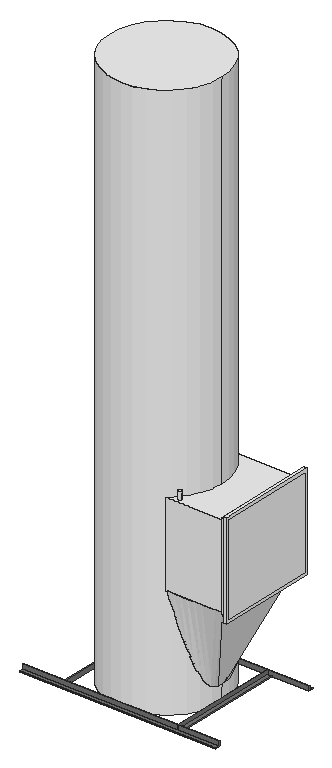
Revit family "Recycle_Chute_Chutes", category Specialty Equipment, Revit 2026
Family settings
  Round Connector Dimension = Use Diameter
  Part Type = Normal
  Classification Number = 23.70.30.21.21
  Work Plane-Based = No
  Enable Cutting in Views = No
  Always vertical = Yes
  Cut with Voids When Loaded = No
  Maintain Annotation Orientation = No
  Shared = No
  Room Calculation Point = No
Parameters
  Warranty Duration (Years) = 0
  URL = "http://www.chutes.com/"
  Specification = "http://www.arcat.com/sdspecs/htm/14560chu.htm"
  SpecWizard = ""
  Send Message = "http://www.arcat.com/users.pl?action=UserEmail&company=CHUTES%20International&coid=31437&rep=103&fax=301-753-4108&mf="
  Sales Information = "http://www.chutes.com/index.cfm?fuseaction=main.quote"
  Revision = "R1_10-2010"
  Product Properties = "http://www.arcat.com/bim/bim_info.pl?fn=Chutes"
  Product Data = "http://www.arcat.com/arcatcos/cos31/arc31437.html"
  Model = "As Specified in 14 91 00"
  Material = Aluminized Steel - Chutes
  Manufacturer Website = "http://www.chutes.com/"
  Manufacturer Phone - Toll Free = "800-88-CHUTE"
  Manufacturer Phone = "301-753-4100"
  Manufacturer Fax = "301-753-4108"
  Manufacturer Address = "4400 Austin Lane, White Plains, MD 20695"
  Manufacturer = "CHUTES International"
  Maintenance Schedule (Months) = 0
  Keynote = "14 91 00"
  Installation-Fabrication = "http://www.chutes.com/store/index.cfm?category=2"
  Installation Phase = ""
  Has Vent Top [instance] = no
  Has Sprinkler Head [instance] = yes
  Has Discharge Chute & Door [instance] = no
  Green Building-LEED = "http://www.arcat.com/green/clients/leed_data_31437.html"
  Floor to Floor Height [instance] = 120"
  Floor Plate Size = Diameter + 9"  # 33"
  Expected Lifespan (Years) = 0
  Drawn By = "Sumex Design, Inc. / Robert S. Weygant, CSI, CDT, SCIP"
  Door Width = 21"
  Door Height = 18"
  Discharge Width = 24"
  Discharge Length = 30"
  Discharge Door Offset Below Level Above [instance] = 48"
  Diameter = 24"
  Description = "Chute as Specified in 14 91 00"
  Default Elevation = 0"
  Copyright = "©Arcat Inc."
  Construction Details = "http://www.arcat.com/details/chutes/chutes.html?coid=31437"
  Chute Radius = Diameter * 0.5  # 12"
  Assembly Code = "D1090500"
Reference planes (in)
  plane 1 "Center (Front/Back)": y = 0
  plane 2 "Bottom": z = 0
  plane 3 "Center (Left/Right)": x = -0.05039
  plane 4 "Top": z = 120
  plane 5 "General Ref 1": z = 42
  plane 6 "General Ref 2": z = 24
  plane 7 "General Ref 8": y = -10.5
  plane 8 "General Ref 7": y = 10.5
  plane 9 "General Ref 5": x = -16.55039
  plane 10 "General Ref 4": x = 16.44961
  plane 11 "General Ref 6": y = 16.5
  plane 12 "General Ref 9": y = -16.5
  plane 13 "General Ref 3": x = 21.43411
  plane 14 "BO Discharge Door": z = -48
  plane 15 "Cap Ref": z = 156
Forms (in)
  Extrusion 1, solid, material "Aluminized Steel - Chutes" <- "Material"
    sketch origin (0, 0, 0) x (1, 0, 0) y (0, 1, 0)
      loop
        circle (-0.05039, 0) r 12
    from 0 to 120
  Extrusion 2, solid, material "Aluminized Steel - Chutes" <- "Material"
    sketch origin (-0.05039, 0, 0) x (0, 1, 0) y (0, 0, 1)
      loop
        line (-9.5, 42) -> (-9.5, 24) -> (9.5, 24) -> (9.5, 42) -> (-9.5, 42)
    from 0 to 19.74806
  Blend 3, solid, material "Aluminized Steel - Chutes" <- "Material"
    base sketch origin (1.75, 0, 24) x (-1, 0, 0) y (0, -1, 0)
      loop
        line (-10.05188, 0.64269) -> (-10.05188, -0.64269)
        arc (-10.05188, -0.64269) -> (-8.87713, -3.61915) -> (-5.9862, -4.99096) r 4.35809
        line (-5.9862, -4.99096) -> (-5.9862, 4.99096)
        arc (-5.9862, 4.99096) -> (-8.87713, 3.61915) -> (-10.05188, 0.64269) r 4.35809
    top sketch origin (1.75, 0, 24) x (-1, 0, 0) y (0, -1, 0)
      loop
        line (-6.03658, 9.5) -> (-17.85227, 9.5) -> (-17.85227, -9.5) -> (-6.03658, -9.5) -> (-6.03658, 9.5)
    from -20.82932 to 0
  Extrusion 4, solid, material "Aluminized Steel - Chutes" <- "Material"
    sketch origin (-0.05039, 0, 0.4375) x (0, 1, 0) y (0, 0, 1)
      loop
        line (-10.75, 43.08915) -> (-10.75, 22.58576) -> (10.75, 22.58576) -> (10.75, 43.08915) -> (-10.75, 43.08915)
      loop
        line (-10.5, 23.08576) -> (10.5, 23.08576) -> (10.5, 42.58915) -> (-10.5, 42.58915) -> (-10.5, 23.08576)
      loop
        line (10.4375, 23.14826) -> (10.4375, 42.52665) -> (-10.4375, 42.52665) -> (-10.4375, 23.14826) -> (10.4375, 23.14826)
    from 20.94186 to 21.4845
  Extrusion 5, solid, material "Aluminized Steel - Chutes" <- "Material"
    sketch origin (-0.05039, 0, 0.4375) x (0, 1, 0) y (0, 0, 1)
      loop
        line (-9.77326, 41.99661) -> (-9.77326, 23.5625) -> (9.77326, 23.5625) -> (9.77326, 41.99661) -> (-9.77326, 41.99661)
    from 19.74806 to 20.94186
  Revolve 6, solid, material "Aluminized Steel - Chutes" <- "Material", visible <- "Has Vent Top"
    sketch origin (0, 0, 0) x (1, 0, 0) y (0, 0, 1)
      loop
        line (-0.05039, 156) -> (-0.05039, 153.75194) -> (-0.05039, 120) -> (11.94961, 120) -> (11.94961, 154.5) -> (13.29457, 154.5) -> (13.29457, 156) -> (-0.05039, 156)
      axis (-0.05039, 120) -> (-0.05039, 156)
    angle from 0 to 360
  Extrusion 7, solid, material "Aluminized Steel - Chutes" <- "Material", visible <- "Has Discharge Chute & Door"
    sketch origin (0, 0, 0) x (1, 0, 0) y (0, 1, 0)
      loop
        circle (-0.05039, 0) r 12
    from -42 to 0
  Extrusion 8, solid, material "Aluminized Steel - Chutes" <- "Material", visible <- "Has Discharge Chute & Door"
    sketch origin (0, 0, -48) x (0, -1, 0) y (1, 0, 0)
      loop
        line (-12, -13.29457) -> (12, -13.29457) -> (12, 16.70543) -> (-12, 16.70543) -> (-12, -13.29457)
    from 0 to 6
  Extrusion 9, solid, material "Aluminized Steel - Chutes" <- "Material", visible <- "Has Sprinkler Head"
    sketch origin (0, 0, 0) x (1, 0, 0) y (0, 1, 0)
      loop
        circle (9.69961, -8.5) r 0.375
    from 42 to 43.52665
  Extrusion 10, solid, material "Aluminized Steel - Chutes" <- "Material", visible <- "Has Vent Top"
    sketch origin (0, 0, 156) x (-1, 0, 0) y (0, -1, 0)
      loop
        circle (0.05039, 0) r 0.375
    from 0 to 1.5
Cuts and joins
  joined: Extrusion 1, Extrusion 2, Blend 3
Dimensions and locks (in)
  locked: level to plane 5 "General Ref 1" at 42
  "Door Height": plane 5 "General Ref 1" to plane 6 "General Ref 2"
  equal spacing: plane 7 "General Ref 8", plane 1 "Center (Front/Back)", plane 8 "General Ref 7"
  "Door Width": plane 7 "General Ref 8" to plane 8 "General Ref 7"
  equal spacing: plane 9 "General Ref 5", plane 3 "Center (Left/Right)", plane 10 "General Ref 4"
  equal spacing: plane 11 "General Ref 6", plane 1 "Center (Front/Back)", plane 12 "General Ref 9"
  "Floor Plate Size": plane 11 "General Ref 6" to plane 12 "General Ref 9"
  "Floor Plate Size": plane 9 "General Ref 5" to plane 10 "General Ref 4"
  locked: plane 10 "General Ref 4" to plane 13 "General Ref 3" at 4.9845
  Extrusion 5 to Extrusion 4 to plane 13 "General Ref 3" = 1.1938" locked, 0.54264" locked
  locked: Blend 3 to level at 3.17068
  "Chute Radius": Revolve 6 sketch curve to plane 3 "Center (Left/Right)"
  locked: Revolve 6 sketch curve to plane 4 "Top" at 36
  "Discharge Door Offset Below Level Above": plane 2 "Bottom" to plane 14 "BO Discharge Door"
  "Floor to Floor Height": plane 4 "Top" to plane 2 "Bottom"
  locked: Extrusion 8 to plane 14 "BO Discharge Door" at 6
  locked: plane 9 "General Ref 5" to Extrusion 8 at 3.25581
  "Discharge Length": Extrusion 8 to Extrusion 8
  equal spacing: Extrusion 8, plane 1 "Center (Front/Back)", Extrusion 8
  "Discharge Width": Extrusion 8 to Extrusion 8
  locked: plane 15 "Cap Ref" to plane 4 "Top" at 36
  locked: Extrusion 10 to plane 15 "Cap Ref" at 1.5
  "Chute Radius": radius of Extrusion 1 sketch curve
  "Chute Radius": radius of Extrusion 7 sketch curve
  aligned and locked: plane 4 "Top" to Extrusion 1
  aligned and locked: plane 2 "Bottom" to level
  aligned and locked: Extrusion 4 to plane 13 "General Ref 3"
  aligned and locked: Extrusion 5 to Extrusion 4
  aligned and locked: Extrusion 2 to Extrusion 5
  aligned and locked: plane 3 "Center (Left/Right)" to Revolve 6 sketch curve
  aligned and locked: Extrusion 7 to Extrusion 8
  aligned and locked: nested 1 to plane 3 "Center (Left/Right)"
  aligned and locked: nested 1 to plane 1 "Center (Front/Back)"
  aligned and locked: Extrusion 9 to Extrusion 4
  aligned and locked: Extrusion 9 to cut or joined group of Extrusion 1, Extrusion 2, Blend 3
  aligned and locked: Extrusion 10 to plane 15 "Cap Ref"
Automatic sketch dimensions
  Extrusion 1 sketch curve to plane 1 "Center (Front/Back)" = 0"
  Extrusion 1 sketch curve to plane 3 "Center (Left/Right)" = 0"
  Extrusion 2 sketch curve to plane 6 "General Ref 2" = 0"
  Extrusion 2 sketch curve to plane 5 "General Ref 1" = 0"
  plane 7 "General Ref 8" to Extrusion 2 sketch curve = 1"
  plane 8 "General Ref 7" to Extrusion 2 sketch curve = 1"
  Blend 3 sketch curve to plane 1 "Center (Front/Back)" = 0.64269"
  Blend 3 sketch curve to plane 10 "General Ref 4" = 4.64773"
  Blend 3 sketch curve to Blend 3 sketch curve = 4.06568"
  Blend 3 sketch curve to Blend 3 sketch curve = 4.35809"
  plane 1 "Center (Front/Back)" to Blend 3 sketch curve = 0.64269"
  Blend 3 sketch curve to Blend 3 sketch curve = 0"
  plane 13 "General Ref 3" to Blend 3 sketch curve = 1.83184"
  plane 8 "General Ref 7" to Blend 3 sketch curve = 1"
  plane 3 "Center (Left/Right)" to Blend 3 sketch curve = 7.83697"
  plane 7 "General Ref 8" to Blend 3 sketch curve = 1"
  Extrusion 4 sketch curve to plane 7 "General Ref 8" = 0"
  Extrusion 4 sketch curve to plane 8 "General Ref 7" = 0"
  Extrusion 4 sketch curve to plane 7 "General Ref 8" = 1/4"
  plane 7 "General Ref 8" to Extrusion 4 sketch curve = 1/16"
  plane 8 "General Ref 7" to Extrusion 4 sketch curve = 1/16"
  Extrusion 4 sketch curve to plane 8 "General Ref 7" = 1/4"
  Extrusion 4 sketch curve to plane 6 "General Ref 2" = 0.97674"
  Extrusion 4 sketch curve to plane 6 "General Ref 2" = 0.47674"
  Extrusion 4 sketch curve to Extrusion 4 sketch curve = 1/16"  (x2)
  plane 5 "General Ref 1" to Extrusion 4 sketch curve = 0.96415"
  Extrusion 4 sketch curve to Extrusion 4 sketch curve = 1/2"
  Extrusion 5 sketch curve to plane 6 "General Ref 2" = 0"
  plane 7 "General Ref 8" to Extrusion 5 sketch curve = 0.72674"
  plane 8 "General Ref 7" to Extrusion 5 sketch curve = 0.72674"
  plane 5 "General Ref 1" to Extrusion 5 sketch curve = 0.43411"
  Revolve 6 sketch curve to plane 3 "Center (Left/Right)" = 0"
  Revolve 6 sketch curve to plane 4 "Top" = 0"
  Revolve 6 sketch curve to Revolve 6 sketch curve = 1.34496"
  Revolve 6 sketch curve to Revolve 6 sketch curve = 20"
  Revolve 6 sketch curve to Revolve 6 sketch curve = 2.24806"
  Revolve 6 sketch curve to Revolve 6 sketch curve = 1 1/2"
  Revolve 6 sketch curve to Revolve 6 sketch curve = 6"
  Extrusion 7 sketch curve to plane 1 "Center (Front/Back)" = 0"
  Extrusion 7 sketch curve to plane 3 "Center (Left/Right)" = 0"
  plane 10 "General Ref 4" to Extrusion 8 sketch curve = 0.25581"
  Extrusion 8 sketch curve to plane 8 "General Ref 7" = 1 1/2"
  Extrusion 8 sketch curve to plane 7 "General Ref 8" = 1 1/2"
  plane 9 "General Ref 5" to Extrusion 8 sketch curve = 3.25581"
  plane 7 "General Ref 8" to Extrusion 9 sketch curve = 2"
  Extrusion 9 sketch curve to plane 10 "General Ref 4" = 6 3/4"
  Extrusion 10 sketch curve to plane 3 "Center (Left/Right)" = 0"
  plane 7 "General Ref 8" to Extrusion 10 sketch curve = 10 1/2"
  radius of Extrusion 9 sketch curve = 3/8"
  radius of Extrusion 10 sketch curve = 3/8"
Nested families (in)
  nested 1: "Chute_Bracket" at (-12.05039, -0.7377, 0) x (0, 1, 0) z (0, 0, 1), type "Chute_Bracket"
    with Width 24", Depth 24"
Connectors (in)
  piping at (9.69961, -8.5, 43.52665), diameter 0.75
    settings: on Extrusion 9, index 1, connector inside diameter 3/4", connector length 0", flow factor 0, pipe flow 0 GPM, pressure drop 0.00 psi, fitting loss kfactor 0, connector angle 0.00°, fixture units 0, engagement length 0", angle of deflection 0.00°, flow configuration 0, flow direction 2, fitting loss method 0, system type 23, joint type 0, gender type 0, connector reference index -1, connector utility 0, adjustable connector no, is connector primary yes, connector description "Sprinkler Head"
  piping at (-0.05039, 0, 157.5), diameter 0.75
    settings: on Extrusion 10, index 2, connector inside diameter 3/4", connector length 0", flow factor 0, pipe flow 0 GPM, pressure drop 0.00 psi, fitting loss kfactor 0, connector angle 0.00°, fixture units 0, engagement length 0", angle of deflection 0.00°, flow configuration 0, flow direction 2, fitting loss method 0, system type 23, joint type 0, gender type 0, connector reference index -1, connector utility 0, adjustable connector no, is connector primary no, connector description ""
Definition of nested family "Chute_Bracket"
  Parameters
    Width = 36"
    Material = none
    Depth = 36"
    Default Elevation = 0"
  Reference planes (in)
    plane 1 "Back": y = 0
    plane 2: z = 0
    plane 3 "Center (Left/Right)": x = 0.7377
    plane 4 "Left": x = -17.2623
    plane 5 "Right": x = 18.7377
    plane 6 "Front": y = -36
    plane 7 "Top": z = 36
    plane 8 "Center (Front/Back)": y = -18
    plane 9 "General Ref 1": y = 9
    plane 10 "General Ref 2": y = -45
  Forms (in)
    Sweep 1, solid, material <- "Material"
      path origin (0, 0, 0) x (1, 0, 0) y (0, 1, 0)
        loop
          line (-17.2623, -45) -> (-17.2623, 9)
      profile "PR-Angle Iron from Edge : PR-Rectangle" origin (-17.2623, -18, 0) x (-1, 0, 0) y (0, 0, 1)
        loop
          line (0, 1) -> (0, 0) -> (1, 0) -> (1, 0.125) -> (0.125, 0.125) -> (0.125, 1) -> (0, 1)
    Sweep 2, solid, material <- "Material"
      path origin (1.47541, 0, 0) x (-1, 0, 0) y (0, 1, 0)
        loop
          line (-17.2623, -45) -> (-17.2623, 9)
      profile "PR-Angle Iron from Edge : PR-Rectangle" origin (18.7377, -18, 0) x (-1, 0, 0) y (0, 0, 1)
        loop
          line (0, 1) -> (-0.125, 1) -> (-0.125, 0.125) -> (-1, 0.125) -> (-1, 0) -> (0, 0) -> (0, 1)
    Sweep 3, solid, material <- "Material"
      path origin (-17.2623, -18.7377, 0) x (0, 1, 0) y (-1, 0, 0)
        loop
          line (-17.2623, -36) -> (-17.2623, 0)
      profile "PR-Angle Iron from Edge : PR-Rectangle" origin (0.7377, -36, 0) x (0, -1, 0) y (0, 0, 1)
        loop
          line (0, 1) -> (0, 0) -> (1, 0) -> (1, 0.125) -> (0.125, 0.125) -> (0.125, 1) -> (0, 1)
    Sweep 4, solid, material <- "Material"
      path origin (-17.2623, -17.2623, 0) x (0, -1, 0) y (1, 0, 0)
        loop
          line (-17.2623, 36) -> (-17.2623, 0)
      profile "PR-Angle Iron from Edge : PR-Rectangle" origin (0.7377, 0, 0) x (0, -1, 0) y (0, 0, 1)
        loop
          line (0, 1) -> (-0.125, 1) -> (-0.125, 0.125) -> (-1, 0.125) -> (-1, 0) -> (0, 0) -> (0, 1)
  Dimensions and locks (in)
    "Depth": plane 6 "Front" to plane 1 "Back"
    "Width": plane 4 "Left" to plane 5 "Right"
    equal spacing: plane 4 "Left", plane 3 "Center (Left/Right)", plane 5 "Right"
    level to plane 7 "Top" = 36"
    equal spacing: plane 6 "Front", plane 8 "Center (Front/Back)", plane 1 "Back"
    locked: plane 1 "Back" to plane 9 "General Ref 1" at 9
    locked: plane 10 "General Ref 2" to plane 6 "Front" at 9
  Automatic sketch dimensions
    Sweep 3 sketch curve to plane 4 "Left" = 0"
    Sweep 3 sketch curve to plane 6 "Front" = 0"
    Sweep 3 sketch curve to plane 5 "Right" = 0"
    Sweep 4 sketch curve to plane 1 "Back" = 0"
    Sweep 4 sketch curve to plane 4 "Left" = 0"
    Sweep 4 sketch curve to plane 5 "Right" = 0"
    Sweep 1 sketch curve to plane 4 "Left" = 0"
    Sweep 1 sketch curve to plane 10 "General Ref 2" = 0"
    Sweep 1 sketch curve to plane 9 "General Ref 1" = 0"
    Sweep 2 sketch curve to plane 5 "Right" = 0"
    Sweep 2 sketch curve to plane 10 "General Ref 2" = 0"
    Sweep 2 sketch curve to plane 9 "General Ref 1" = 0"
